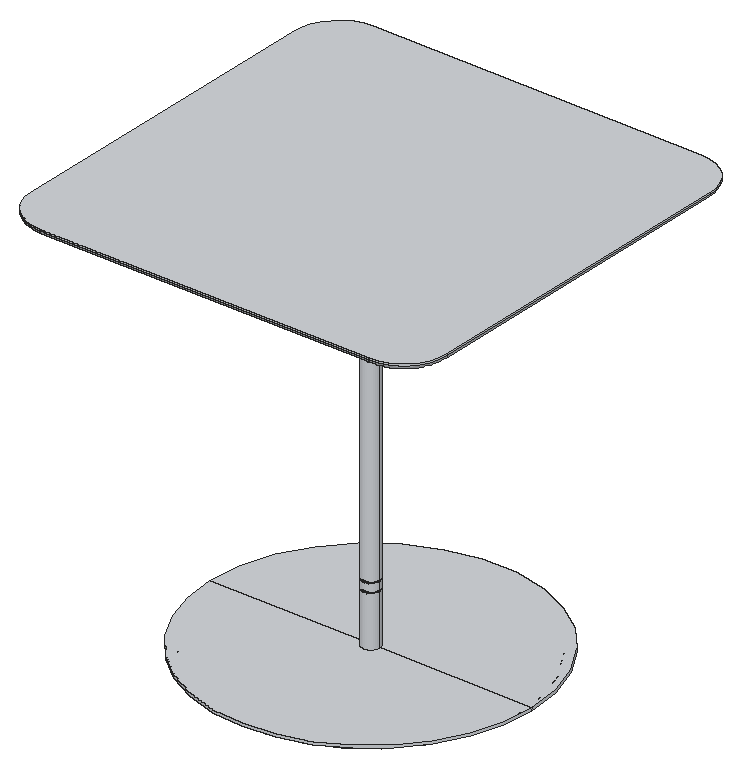
Revit family "Quiet-SqrTop_RndBase", category Furniture, Revit 2016
Family settings
  OmniClass Number = 23.40.20.14.14.17
  OmniClass Title = Stools
  Work Plane-Based = No
  Always vertical = Yes
  Cut with Voids When Loaded = No
  Shared = No
  Room Calculation Point = No
Parameters (values of type "Quiet - QUS-183 18" sqr top/ rnd base occasional")
  Width = 18"
  URL = "http://bernhardtdesign.com/"
  Table Top Finish [instance] = none
  SKU = "QUS-183"
  Product Page URL = ""
  Product Name = ""
  Product Documentation Link = ""
  Metal Finish [instance] = none
  Manufacturer = "Bernhardt Design"  # constant formula
  Level Certification = ""
  Height = 18"
  GreenGuard Certification = ""
  Depth = Width  # 18"
  Copyright © = "Copyright © Bernhardt Design"  # constant formula
  Column Radius = 3/8"
  Catalog = SKU  # "QUS-183"
  Base Width = 14"
  Authoring Version = "Autodesk Revit 2016"  # constant formula
Types (15): name | Width | SKU | Height | Depth | Column Radius | Catalog | Base Width
  Quiet - QUS-183 18" sqr top/ rnd base occasional | 18" | "QUS-183" | 18" | 18" | 3/8" | "QUS-183" | 14"
  Quiet - QUS-223 22" sqr top/ rnd base occasional | 22" | "QUS-223" | 18" | 22" | 3/8" | "QUS-223" | 17 1/2"
  Quiet - QUS-303 30" sqr top/ rnd base occasional | 30" | "QUS-303" | 13" | 30" | 1 1/2" | "QUS-303" | 20 7/8"
  Quiet - QUS-363 36" sqr top/ rnd base occasional | 36" | "QUS-363" | 13" | 36" | 1 1/2" | "QUS-363" | 20 7/8"
  Quiet - QUS-423 42" sqr top/ rnd base occasional | 42" | "QUS-423" | 13" | 42" | 1 1/2" | "QUS-423" | 24"
  Quiet - QUS-187 18" sqr top/ rnd base mid | 18" | "QUS-187" | 23 3/4" | 18" | 7/16" | "QUS-187" | 14"
  Quiet - QUS-227 22" sqr top/ rnd base mid | 22" | "QUS-227" | 23 3/4" | 22" | 7/16" | "QUS-227" | 17 1/2"
  Quiet - QUS-307 30" sqr top/ rnd base mid | 30" | "QUS-307" | 23 3/4" | 30" | 1 1/2" | "QUS-307" | 20 7/8"
  Quiet - QUS-367 36" sqr top/ rnd base mid | 36" | "QUS-367" | 23 3/4" | 36" | 1 1/2" | "QUS-367" | 20 7/8"
  Quiet - QUS-427 42" sqr top/ rnd base mid | 42" | "QUS-427" | 23 3/4" | 42" | 1 1/2" | "QUS-427" | 24"
  Quiet - QUS-311 30" sqr top/ rnd base conference | 30" | "QUS-311" | 29" | 30" | 1 1/2" | "QUS-311" | 20 7/8"
  Quiet - QUS-371 36" sqr top/ rnd base conference | 36" | "QUS-371" | 29" | 36" | 1 1/2" | "QUS-371" | 20 7/8"
  Quiet - QUS-431 42" sqr top/ rnd base conference | 42" | "QUS-431" | 29" | 42" | 1 1/2" | "QUS-431" | 24"
  Quiet - QUS-273 27" sqr top/ rnd base bar | 27" | "QUS-273" | 42" | 27" | 1 1/2" | "QUS-273" | 20 7/8"
  Quiet - QUS-315 30" sqr top/ rnd base bar | 30" | "QUS-315" | 42" | 30" | 1 1/2" | "QUS-315" | 20 7/8"
Reference planes (in)
  plane 1 "Center (Front/Back)": y = 0
  plane 2 "Bottom": z = 0
  plane 3 "Center (Left/Right)": x = 0
  plane 4 "Left": x = -9
  plane 5 "Right": x = 9
  plane 6 "Front": y = -9
  plane 7 "Back": y = 9
  plane 8 "Top": z = 18
  plane 9: x = -7
  plane 10: x = 7
  plane 11: y = -7
  plane 12: y = 7
  plane 13: x = -0.375
  plane 14: x = -6.58691
  plane 15: x = -6.39019
Forms (in)
  Revolve 1, solid, material <- "Metal Finish"
    sketch origin (0, 0, 0) x (1, 0, 0) y (0, 0, 1)
      loop
        line (-0.375, 0.43277) -> (0, 0.43277) -> (0, 17.13298) -> (-0.375, 17.13298) -> (-0.375, 3.06083) -> (-0.34353, 3.02936) -> (-0.375, 2.99788) -> (-0.375, 2.66741) -> (-0.34353, 2.63593) -> (-0.375, 2.60446) -> (-0.375, 0.43277)
      axis (0, 17.13298) -> (0, 0.43277)
    angle from 0 to 360
  Sweep 2, solid, material <- "Table Top Finish"
    path origin (0, 0, 18) x (-1, 0, 0) y (0, -1, 0)
      loop
        line (-9, 7.125) -> (-9, -7.125)
        arc (-9, -7.125) -> (-8.45083, -8.45083) -> (-7.125, -9) r 1.875
        line (-7.125, -9) -> (7.125, -9)
        arc (7.125, -9) -> (8.45083, -8.45083) -> (9, -7.125) r 1.875
        line (9, -7.125) -> (9, 7.125)
        arc (9, 7.125) -> (8.45083, 8.45083) -> (7.125, 9) r 1.875
        line (7.125, 9) -> (-7.125, 9)
        arc (-7.125, 9) -> (-8.45083, 8.45083) -> (-9, 7.125) r 1.875
    profile origin (9, 0, 18) x (-1, 0, 0) y (0, 0, 1)
      loop
        line (1.85297, -0.86702) -> (1.85297, 0) -> (0, 0) -> (0, -0.07618)
        arc (0, -0.07618) -> (0.02078, -0.14307) -> (0.07581, -0.1864) r 0.11803
        line (0.07581, -0.1864) -> (1.85297, -0.86702)
  Extrusion 3, solid, material <- "Table Top Finish"
    sketch origin (0, 0, 18) x (-1, 0, 0) y (0, -1, 0)
      loop
        arc (7.14703, 7.125) -> (7.14057, 7.14057) -> (7.125, 7.14703) r 0.02203
        line (7.125, 7.14703) -> (-7.125, 7.14703)
        arc (-7.125, 7.14703) -> (-7.14057, 7.14057) -> (-7.14703, 7.125) r 0.02203
        line (-7.14703, 7.125) -> (-7.14703, -7.125)
        arc (-7.14703, -7.125) -> (-7.14057, -7.14057) -> (-7.125, -7.14703) r 0.02203
        line (-7.125, -7.14703) -> (7.125, -7.14703)
        arc (7.125, -7.14703) -> (7.14057, -7.14057) -> (7.14703, -7.125) r 0.02203
        line (7.14703, -7.125) -> (7.14703, 7.125)
    from -0.86702 to 0
  Revolve 4, solid, material <- "Metal Finish"
    sketch origin (0, -0.00085, 0) x (1, 0, 0) y (0, 0, 1)
      loop
        line (0, 0) -> (0, 0.43277) -> (-7, 0.43277) -> (-7, 0.31474) -> (-6.58691, 0.31474) -> (-6.58691, 0.19671)
        arc (-6.58691, 0.19671) -> (-6.52929, 0.05762) -> (-6.39019, 0) r 0.19671
        line (-6.39019, 0) -> (0, 0)
      axis (0, 0.43277) -> (0, 0)
    angle from 0 to 360
Cuts and joins
  joined: Sweep 2, Extrusion 3
Dimensions and locks (in)
  equal spacing: plane 4 "Left", plane 3 "Center (Left/Right)", plane 5 "Right"
  equal spacing: plane 6 "Front", plane 1 "Center (Front/Back)", plane 7 "Back"
  "Depth": plane 7 "Back" to plane 6 "Front"
  "Width": plane 4 "Left" to plane 5 "Right"
  "Height": plane 8 "Top" to plane 2 "Bottom"
  equal spacing: plane 11, plane 1 "Center (Front/Back)", plane 12
  equal spacing: plane 9, plane 3 "Center (Left/Right)", plane 10
  "Base Width": plane 9 to plane 10
  "Base Width": plane 11 to plane 12
  locked: plane 8 "Top" to Revolve 1 sketch curve at 0.86702
  "Column Radius": plane 3 "Center (Left/Right)" to plane 13
  Revolve 1 sketch curve to Revolve 1 sketch curve to Revolve 1 sketch curve to Revolve 1 sketch curve to plane 2 "Bottom" = 0.06295" locked, 0.33048" locked, 0.06295" locked, 2.60446" locked
  plane 8 "Top" to Sweep 2 sketch curve to Sweep 2 sketch curve = 0.1864" locked, 0.68061" locked
  Sweep 2 sketch curve to Sweep 2 sketch curve to plane 5 "Right" = 1.77716" locked, 0.07581" locked
  locked: Sweep 2 sketch curve to plane 5 "Right" at 1.875  (x2)
  locked: plane 4 "Left" to Sweep 2 sketch curve at 1.875  (x2)
  locked: Sweep 2 sketch curve to plane 6 "Front" at 1.875  (x2)
  locked: Sweep 2 sketch curve to plane 7 "Back" at 1.875  (x2)
  plane 14 to plane 15 = 0.19671"
  plane 9 to plane 14 = 0.41309"
  aligned and locked: plane 2 "Bottom" to level
  aligned and locked: Revolve 1 sketch curve to plane 13  (x3)
  aligned and locked: Sweep 2 sketch curve to plane 4 "Left"
  aligned and locked: Sweep 2 sketch curve to plane 7 "Back"
  aligned and locked: Sweep 2 sketch curve to plane 5 "Right"
  aligned and locked: Sweep 2 sketch curve to plane 6 "Front"
  aligned and locked: plane 8 "Top" to Sweep 2 sketch curve
  aligned and locked: Extrusion 3 sketch curve to Sweep 2  (x4)
  aligned and locked: Extrusion 3 to Revolve 1
Automatic sketch dimensions
  Revolve 1 sketch curve to plane 3 "Center (Left/Right)" = 0"  (x2)
  Revolve 1 sketch curve to level = 12 1/4"
  Revolve 1 sketch curve to Revolve 1 sketch curve = 0.03147"  (x2)
  plane 8 "Top" to Revolve 1 sketch curve = 4 3/4"
  Sweep 2 sketch curve to profile plane = 0"
  Sweep 2 sketch curve to Sweep 2 sketch curve = 0.07618"
  Extrusion 3 sketch curve to Extrusion 3 sketch curve = 0.02203"  (x4)
  level to Revolve 1 sketch curve = 0.43277"
  Revolve 4 sketch curve to plane 9 = 0"
  plane 14 to Revolve 4 sketch curve = 0"
  plane 15 to Revolve 4 sketch curve = 0"
  Revolve 4 sketch curve to plane 3 "Center (Left/Right)" = 0"  (x2)
  Revolve 4 sketch curve to level = 0"
  Revolve 4 sketch curve to Revolve 4 sketch curve = 0.11803"  (x2)
  Revolve 4 sketch curve to Revolve 4 sketch curve = 12 1/4"
  plane 8 "Top" to Revolve 4 sketch curve = 10 1/2"
